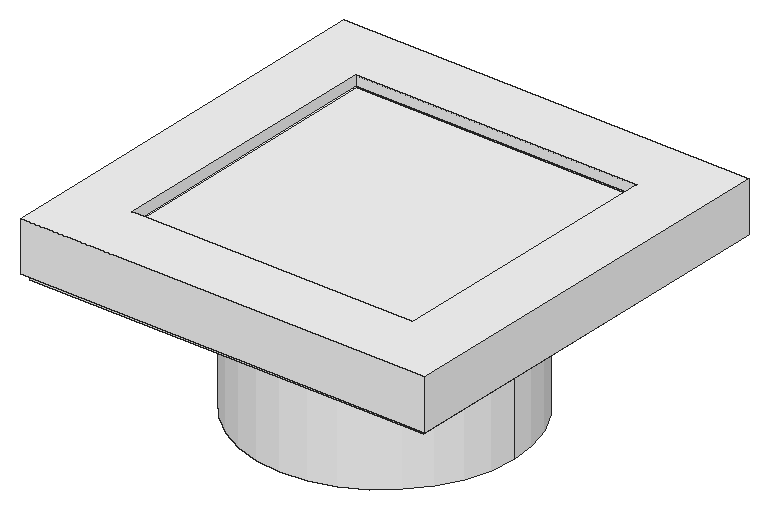
Revit family "Gira_014026", category Electrical Fixtures, host Face, Revit 2017
Family settings
  Host = Face
  Maintain Annotation Orientation = Yes
  Round Connector Dimension = Use Diameter
  Part Type = Normal
  Cut with Voids When Loaded = No
  Shared = No
  Room Calculation Point = No
Parameters (values of type "Hotel-Card-Taster Wechsler (bel.) BSF System 55 F Alu")
  Zusammenstellung = "Basiselement mit zentraler Abdeckplatte"
  White [instance] = White
  Werkstoffgüte = "sonstige"
  Werkstoff = "sonstige"
  URL = "http://katalog.gira.de/de_DE/datenblatt.html?artikelnr=014026"
  Transparent = "No"
  Textfeld/Beschriftungsfläche = "Yes"
  Rückmeldekontakt = "No"
  Region = "DE"
  Oberfläche = "sonstige"
  Nennspannung = "250 Volt"
  Name = "Hotel-Card-Taster Wechsler (bel.) BSF System 55 F Alu"
  Montageart = "unter Putz"
  Model = "Sys55_Komplettgerät_Schalten und Tasten"
  Mit Beleuchtung = "No"
  Manufacturer URL = "https://www.gira.de/"
  Kontakte = "1 Wechsler"
  HeinzeBIM = "https://bimportal.heinze.de/bim/hotel-card-taster-wechsler-bel-bsf-system-55-f-alu/166dd060ea3274e7a81eb72ede11a1b2945661aa"
  Halogenfrei = "No"
  HAN = "014026"
  Geeignet für Schutzart (IP) = "IP20"
  GTIN = "4010337140269"
  Farbe = "aluminium"
  Default Elevation = 1219.2 mm
  Data sheet (1) = "https://katalog.gira.de/de_DE/download.html?artikelnr=014026"
  Category = "Taster"
  Bemessungsstrom = "10 Ampere"
  Befestigungsart = "Krallen-/Schraubbefestigung"
  Bedienungsart = "Hotelcard"
  Available = "Yes"
  Ausführung = "Einzeltaster"
  Aufdruck = "ohne"
  Anzahl der Betätigungswippen = "1 "
Reference planes
  plane 1 "Center (Front/Back)": y = 0
  plane 2: z = 0
  plane 3 "Center (Left/Right)": x = 0
Forms (mm)
  Extrusion 1, solid, material "White" <- "White", detail levels medium
    sketch origin (0, 0, 0) x (1, 0, 0) y (0, 1, 0)
      loop
        line (-40.4, 40.4) -> (-40.4, -40.4) -> (40.4, -40.4) -> (40.4, 40.4) -> (-40.4, 40.4)
      loop
        line (-28, 28) -> (-28, -28) -> (28, -28) -> (28, 28) -> (-28, 28)
    from 0 to 10
  Extrusion 2, solid, material "White" <- "White", detail levels fine
    sketch origin (0, 0, 0) x (1, 0, 0) y (0, 1, 0)
      loop
        line (-40.4, 40.4) -> (-40.4, -40.4) -> (40.4, -40.4) -> (40.4, 40.4) -> (-40.4, 40.4)
      loop
        line (-28, 28) -> (-28, -28) -> (28, -28) -> (28, 28) -> (-28, 28)
    from 0 to 10
  Extrusion 3, void
    sketch origin (0, 0, 0) x (1, 0, 0) y (0, 1, 0)
      loop
        line (-38.4, 38.4) -> (-38.4, -38.4) -> (38.4, -38.4) -> (38.4, 38.4) -> (-38.4, 38.4)
    from 0 to 8
  Extrusion 4, solid, material "White" <- "White", detail levels medium+fine
    sketch origin (0, 0, 0) x (1, 0, 0) y (0, 1, 0)
      loop
        line (-39.4, 39.4) -> (-39.4, -39.4) -> (39.4, -39.4) -> (39.4, 39.4) -> (-39.4, 39.4)
    from 0 to -1
  Extrusion 5, solid, material "White" <- "White", detail levels medium+fine
    sketch origin (0, 0, 0) x (1, 0, 0) y (0, 1, 0)
      loop
        line (-35.5, 35.5) -> (-35.5, -35.5) -> (35.5, -35.5) -> (35.5, 35.5) -> (-35.5, 35.5)
    from -2 to -3
  Extrusion 6, solid, material "White" <- "White", detail levels medium+fine
    sketch origin (0, 0, 0) x (1, 0, 0) y (0, 1, 0)
      loop
        circle (0, 0) r 26
    from 0 to -27.5
  Extrusion 7, solid, material "White" <- "White", detail levels coarse
    sketch origin (0, 0, 0) x (1, 0, 0) y (0, 1, 0)
      loop
        line (-40.4, 40.4) -> (-40.4, -40.4) -> (40.4, -40.4) -> (40.4, 40.4) -> (-40.4, 40.4)
    from -27.5 to 10
Cuts and joins
  Extrusion 3 cuts Extrusion 2
Dimensions and locks
  aligned and locked: plane 2 to host face
  aligned and locked: level to host face
  aligned and locked: plane 3 "Center (Left/Right)" to nested 2
  aligned and locked: plane 1 "Center (Front/Back)" to nested 2
Nested families
  nested 1: "Sys55_Abdeckung_Schalten und Tasten_floor_base" at (0, 0, 0), type "Sys55_Abdeckung_Schalten und Tasten_floor_base"
  nested 2: "Schalter" at (0, 0, 0), type "Schalter"
Connectors
  electrical at (0, 0, -27.5)
    settings: on Extrusion 6, index 1, voltage 220 V, apparent load 0 VA, apparent load phase1 0 VA, apparent load phase2 0 VA, apparent load phase3 0 VA, power factor 1, load classification "Other", number of poles 1, system type 30, power factor state 1, is connector primary yes, connector utility no, sub classification motor no, connector description ""
Definition of nested family "Sys55_Abdeckung_Schalten und Tasten_floor_base"
  Parameters
    Default Elevation = 1219.2 mm
    White [instance] = none
  Reference planes
    plane 1 "Center (Front/Back)": y = 0
    plane 2: z = 0
    plane 3 "Center (Left/Right)": x = 0
  Forms (mm)
    Extrusion 1, solid
      sketch origin (0, 0, 0) x (1, 0, 0) y (0, 1, 0)
        loop
          line (-1219.2, 1219.2) -> (-1219.2, -1219.2) -> (1219.2, -1219.2) -> (1219.2, 1219.2) -> (-1219.2, 1219.2)
      from 0 to -304.8
    Extrusion 2, solid, material <- "White", detail levels fine
      sketch origin (0, 0, 0) x (1, 0, 0) y (0, 1, 0)
        loop
          line (-27.5, 27.5) -> (-27.5, -27.5) -> (27.5, -27.5) -> (27.5, 27.5) -> (-27.5, 27.5)
      from 0 to 8
    Extrusion 3, void
      sketch origin (0, 0, 0) x (1, 0, 0) y (0, 1, 0)
        loop
          line (26, 26) -> (-26, 26) -> (-26, -26) -> (26, -26) -> (26, 26)
      from 0 to 6
    Extrusion 4, solid, material <- "White", detail levels medium
      sketch origin (0, 0, 0) x (1, 0, 0) y (0, 1, 0)
        loop
          line (-27.5, 27.5) -> (-27.5, -27.5) -> (27.5, -27.5) -> (27.5, 27.5) -> (-27.5, 27.5)
      from 0 to 8
    Extrusion 5, solid, material <- "White", detail levels medium
      sketch origin (0, 0, 0) x (1, 0, 0) y (0, 1, 0)
        loop
          line (11, -17.5) -> (11, 17.5) -> (-11, 17.5) -> (-11, -17.5) -> (11, -17.5)
      from -6 to 6
    Extrusion 6, solid, material <- "White", detail levels fine
      sketch origin (0, 0, 0) x (1, 0, 0) y (0, 1, 0)
        loop
          line (11, 17.5) -> (-11, 17.5) -> (-11, 16.5) -> (11, 16.5) -> (11, 17.5)
        loop
          line (-11, -16.5) -> (-11, -17.5) -> (11, -17.5) -> (11, -16.5) -> (-11, -16.5)
      from -4 to 6
    Extrusion 7, solid, material <- "White", detail levels fine
      sketch origin (0, 0, 0) x (1, 0, 0) y (0, 1, 0)
        loop
          arc (5, 9.347) -> (0, 10.6) -> (-5, 9.347) r 10.6
          line (-5, 9.347) -> (-5, -9.347)
          arc (-5, -9.347) -> (0, -10.6) -> (5, -9.347) r 10.6
          line (5, -9.347) -> (5, 9.347)
      from -6 to 6
    Extrusion 8, solid, material <- "White", detail levels coarse
      sketch origin (0, 0, 0) x (1, 0, 0) y (0, 1, 0)
        loop
          line (-27.5, 27.5) -> (-27.5, -27.5) -> (27.5, -27.5) -> (27.5, 27.5) -> (-27.5, 27.5)
      from -6 to 8
  Cuts and joins
    Extrusion 3 cuts Extrusion 2
  Dimensions and locks
    aligned and locked: plane 2 to Extrusion 1
    aligned and locked: level to Extrusion 1
Definition of nested family "Schalter"
  Reference planes
    plane 1: y = 0
    plane 2: x = 0
  Lines and regions (mm)
    detail lines
      curve 1: circle (1.375, 2.778, 0) r 0.8 normal (0, 0, 1)
      curve 2: line (1.021, 2.061, 0) -> (0, 0, 0)
      curve 3: line (0, 0, 0) -> (-0.538, 0.266, 0)
  Dimensions and locks
    curve 2 to curve 2 = 2.3 mm
    curve 3 to curve 2 = 0.6 mm
    radius of curve 1 = 0.8 mm
